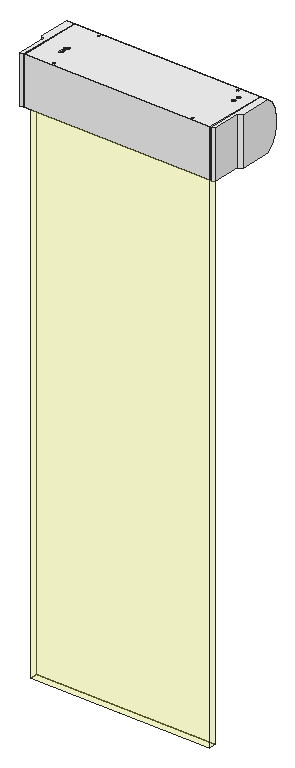
Revit family "HX 1000", category Mechanical Equipment, Revit 2015
Parameters (values of type "HX1000W (45/35)")
  Width = 406 mm
  Weight = "46"
  Warranty = "Unit is full cover for 2 years for parts and labour unless the warranty is made void"
  Version = "1.0"
  URL = "http://www.thermoscreens.com"
  Type Comments = "n/a"
  TempertureClassification = "Low Temperature"
  Supply(50hz) = "230v~1P&N"
  ProductFinish = "corrision resistent pre-finish white 9010 20gauge sheet metal"
  Product URL = "http://www.thermoscreens.com/our-product-range/hx-range"
  Noiselevel dB(A)@3m med = "55"
  Noiselevel dB(A)@3m low = "48"
  Noiselevel dB(A)@3m high = "58"
  Model = "HX1000W (45/35)"
  Max.Velocity (m/s) = "9.0"
  Max.AirVolume(m3/H) = "1310"
  Material = "20g sheet metal"
  Manufacturer = "Thermoscreens ltd"
  Loading(A)*perPhase = "0.8"
  Length = 1200 mm
  Keynote = "n/a"
  IssueDate = "04/06/2015"
  HeatSource = "Electric heated elements or low pressure water coils"
  HeatOutput(kW) = "3.5/6.7"
  Fans = "forward curved plastic bladed ccross flow impellers"
  Description = "Thermoscreens HX range of air curtains will provide climate separation with optional weather compensating control strategy. This product is available in nominal widths of 1, 1.5 and 2m.  Models available are ambient (without heating), electrical or water heated versions. Water heated (LPHW) versions are available with 2 and 4 row coils the suit water flow temperature. Motorised three port valves are built in as standard on all LPHW models. All models are supplied complete with Ecopower control."
  CreatedBy = "Thermoscreens ltd"
  Cost = 0
  ContactUs = "http://www.thermoscreens.com/contact-us"
  Centre Y = Width / 2  # 203 mm
  Centre X = Length / 2  # 600 mm
  Assembly Code = "n/a"
  AirFlow = yes
Types (6, lengths in mm): name | Weight | Supply(50hz) | Model | Loading(A)*perPhase | HeatOutput(kW)
  (no name) | "46" | "230v~1P&N" | "HX1000W (45/35)" | "0.8" | "3.5/6.7"
  HX1000A | "40" | "230v~1P&N" | "HX1000A" | "0.8" | "n/a"
  HX1000E | "41kg" | "400v~3P&N" | "HX1000E" | "18.2" | "6/12"
  HX1000W (82/71) | "40" | "230v~1P&N" | "HX1000W (82/71)" | "0.8" | "6/12"
  HX1000W (60/40) | "46" | "230v~1P&N" | "HX1000W (60/40)" | "0.8" | "5/9.8"
  HX1000W (45/35) | "46" | "230v~1P&N" | "HX1000W (45/35)" | "0.8" | "3.5/6.7"
Reference planes
  plane 1 "Center (Front/Back)": y = 0
  plane 2: z = 0
  plane 3 "Center (Left/Right)": x = 0
Forms (mm)
  Extrusion 1, solid, material "unit"
    sketch origin (0, 0, 0) x (1, 0, 0) y (0, 1, 0)
      loop
        line (-600, 203) -> (-600, -203) -> (600, -203) -> (600, 203) -> (-600, 203)
    from 0 to -0.9
  Extrusion 2, solid, material "unit"
    sketch origin (600, -203, 0) x (-1, 0, 0) y (0, 0, -1)
      loop
        line (1200, 0.9) -> (0, 0.9) -> (0, -305.1) -> (1200, -305.1) -> (1200, 0.9)
    from 0 to -0.9
  Extrusion 3, solid, material "unit"
    sketch origin (600, -203, 305.1) x (-1, 0, 0) y (0, -1, 0)
      loop
        line (1200, 0) -> (0, 0) -> (0, -406) -> (1200, -406) -> (1200, 0)
    from 0 to -0.9
  Extrusion 4, solid, material "unit"
    sketch origin (600, -203, -0.9) x (0, 0, 1) y (0, -1, 0)
      loop
        line (306, 0) -> (0, 0) -> (0, -406) -> (306, -406) -> (306, 0)
    from 0 to -0.9
  Extrusion 5, solid, material "unit"
    sketch origin (-600, -203, 0) x (0, 1, 0) y (0, 0, -1)
      loop
        line (406, 0.9) -> (0, 0.9) -> (0, -305.1) -> (406, -305.1) -> (406, 0.9)
    from 0 to -0.9
  Extrusion 6, solid, material "unit"
    sketch origin (-600, -203, 0) x (0, 1, 0) y (0, 0, -1)
      loop
        arc (436, -275.1) -> (466, -152.1) -> (436, -29.1) r 267.15
        line (436, -29.1) -> (406, 0.9) -> (406, -305.1) -> (436, -275.1)
    from 0 to -1200
  Extrusion 7, solid, material "unit"
    sketch origin (600, -203, 305.1) x (0, 1, 0) y (0, 0, 1)
      loop
        line (406, 0) -> (0, 0) -> (0, -306) -> (406, -306) -> (436, -276)
        arc (436, -276) -> (466, -153) -> (436, -30) r 267.15
        line (436, -30) -> (406, 0)
    from 0 to 25
  Extrusion 8, solid, material "unit"
    sketch origin (625, -203, 305.1) x (0, 1, 0) y (0, 0, 1)
      loop
        line (180, 0) -> (180, -306) -> (406, -306) -> (436, -276)
        arc (436, -276) -> (466, -153) -> (436, -30) r 267.15
        line (436, -30) -> (406, 0) -> (180, 0)
    from 0 to 25
  Extrusion 9, void
    sketch origin (625, -23, 305.1) x (-1, 0, 0) y (0, 1, 0)
      loop
        line (-25, 0) -> (0, 0) -> (-25, 25) -> (-25, 0)
    from 0 to 306
  Extrusion 10, solid, material "unit"
    sketch origin (-600, 203, 305.1) x (0, -1, 0) y (0, 0, 1)
      loop
        line (406, 0) -> (0, 0) -> (-30, -30)
        arc (-30, -30) -> (-60, -153) -> (-30, -276) r 267.15
        line (-30, -276) -> (0, -306) -> (406, -306) -> (406, 0)
    from 0 to 25
  Extrusion 11, solid, material "unit"
    sketch origin (-625, 203, 305.1) x (0, -1, 0) y (0, 0, 1)
      loop
        line (226, 0) -> (0, 0) -> (-30, -30)
        arc (-30, -30) -> (-60, -153) -> (-30, -276) r 267.15
        line (-30, -276) -> (0, -306) -> (226, -306) -> (226, 0)
    from 0 to 25
  Extrusion 12, void
    sketch origin (-625, -23, 305.1) x (-1, 0, 0) y (0, 1, 0)
      loop
        line (25, 0) -> (25, 25) -> (0, 0) -> (25, 0)
    from 0 to 306
  Extrusion 13, void
    sketch origin (600, -203, 305.1) x (0, -1, 0) y (-1, 0, 0)
      loop
        circle (-140, 1066) r 15
      loop
        circle (-178, 1066) r 15
      loop
        circle (-380, 1023) r 5
      loop
        circle (-20, 128) r 5
      loop
        circle (-380, 128) r 5
      loop
        circle (-20, 1023) r 5
    from 0 to 0.9
  Extrusion 14, void
    sketch origin (600, -203, 305.1) x (0, -1, 0) y (-1, 0, 0)
      loop
        circle (-325, 78) r 10
      loop
        circle (-285, 78) r 10
    from 0 to 0.9
  Extrusion 15, void
    sketch origin (-600, -203, -0.9) x (-1, 0, 0) y (0, -1, 0)
      loop
        line (-1175, -25) -> (-1175, -75) -> (-25, -75) -> (-25, -25) -> (-1175, -25)
    from 0 to 0.9
  Extrusion 16, solid, material "Poche", visible <- "AirFlow", detail levels fine
    sketch origin (-600, -203, -0.9) x (0, -1, 0) y (-1, 0, 0)
      loop
        line (-25, -1175) -> (-25, -25) -> (-75, -25) -> (-75, -1175) -> (-25, -1175)
    from 0 to 3300
  Extrusion 17, void
    sketch origin (625, -23, 305.1) x (-1, 0, 0) y (0, 1, 0)
      loop
        line (0, -180) -> (12.5, -180) -> (0, -167.5) -> (0, -180)
    from 0 to 306
Cuts and joins
  Extrusion 13, Extrusion 14, Extrusion 15 cuts Extrusion 1
  Extrusion 13, Extrusion 14, Extrusion 15 cuts Extrusion 2
  Extrusion 13, Extrusion 14, Extrusion 15 cuts Extrusion 3
  Extrusion 13, Extrusion 14, Extrusion 15 cuts Extrusion 4
  Extrusion 13, Extrusion 14, Extrusion 15 cuts Extrusion 5
  Extrusion 13, Extrusion 14, Extrusion 15 cuts Extrusion 6
  joined: Extrusion 1, Extrusion 2, Extrusion 3, Extrusion 4, Extrusion 5, Extrusion 6
  Extrusion 17 cuts Extrusion 7
  Extrusion 9, Extrusion 17 cuts Extrusion 8
  joined: Extrusion 7, Extrusion 8
  Extrusion 12 cuts Extrusion 11
  joined: Extrusion 10, Extrusion 11
Dimensions and locks
  "Centre X": Extrusion 1 sketch curve to plane 3 "Center (Left/Right)"
  "Length": Extrusion 1 sketch curve to Extrusion 1 sketch curve
  "Centre Y": plane 1 "Center (Front/Back)" to Extrusion 1 sketch curve
  "Width": Extrusion 1 sketch curve to Extrusion 1 sketch curve
  aligned and locked: level to plane 2
Automatic sketch dimensions
  Extrusion 2 sketch curve to Extrusion 1 = 0 mm  (x3)
  Extrusion 2 sketch curve to Extrusion 1 = 305.1 mm
  Extrusion 3 sketch curve to Extrusion 2 = 0 mm  (x3)
  Extrusion 3 sketch curve to Extrusion 2 = 405.1 mm
  Extrusion 4 sketch curve to Extrusion 2 = 0 mm  (x2)
  Extrusion 2 to Extrusion 4 sketch curve = 0 mm
  Extrusion 4 sketch curve to Extrusion 2 = 405.1 mm
  Extrusion 5 sketch curve to Extrusion 1 = 0 mm  (x3)
  Extrusion 5 sketch curve to Extrusion 1 = 305.1 mm
  Extrusion 6 sketch curve to Extrusion 1 = 152.1 mm
  Extrusion 6 sketch curve to Extrusion 1 = 0 mm  (x2)
  Extrusion 6 sketch curve to Extrusion 1 = 30 mm  (x2)
  Extrusion 6 sketch curve to Extrusion 6 sketch curve = 30 mm
  Extrusion 6 sketch curve to Extrusion 1 = 198.85 mm
  Extrusion 6 sketch curve to Extrusion 6 sketch curve = 123 mm
  Extrusion 7 sketch curve to Extrusion 3 = 0 mm  (x4)
  Extrusion 7 sketch curve to Extrusion 3 = 305.1 mm
  Extrusion 3 to Extrusion 7 sketch curve = 30 mm
  Extrusion 7 sketch curve to Extrusion 7 sketch curve = 30 mm
  Extrusion 7 sketch curve to Extrusion 3 = 198.85 mm
  Extrusion 7 sketch curve to Extrusion 3 = 152.1 mm
  Extrusion 7 sketch curve to Extrusion 3 = 29.1 mm
  Extrusion 7 to Extrusion 8 sketch curve = 0 mm  (x2)
  Extrusion 8 sketch curve to Extrusion 7 = 0 mm  (x4)
  Extrusion 8 sketch curve to Extrusion 8 sketch curve = 18.85 mm
  Extrusion 9 sketch curve to Extrusion 8 = 0 mm  (x2)
  Extrusion 8 to Extrusion 9 sketch curve = 0 mm
  Extrusion 9 sketch curve to Extrusion 9 sketch curve = 25 mm
  Extrusion 10 sketch curve to Extrusion 3 = 0 mm  (x4)
  Extrusion 10 sketch curve to Extrusion 3 = 30 mm  (x2)
  Extrusion 10 sketch curve to Extrusion 3 = 29.1 mm
  Extrusion 10 sketch curve to Extrusion 3 = 198.85 mm
  Extrusion 10 sketch curve to Extrusion 3 = 152.1 mm
  Extrusion 10 sketch curve to Extrusion 10 sketch curve = 30 mm
  Extrusion 10 to Extrusion 11 sketch curve = 0 mm
  Extrusion 11 sketch curve to Extrusion 10 = 0 mm  (x5)
  Extrusion 11 sketch curve to Extrusion 10 = 180 mm
  Extrusion 11 sketch curve to Extrusion 10 = 30 mm
  Extrusion 11 sketch curve to Extrusion 10 = 153 mm
  Extrusion 11 sketch curve to Extrusion 11 sketch curve = 18.85 mm
  Extrusion 12 sketch curve to Extrusion 11 = 0 mm  (x3)
  Extrusion 12 sketch curve to Extrusion 12 sketch curve = 25 mm
  Extrusion 13 sketch curve to Extrusion 3 = 26 mm  (x2)
  Extrusion 13 sketch curve to Extrusion 3 = 178 mm
  Extrusion 13 sketch curve to Extrusion 13 sketch curve = 38 mm
  Extrusion 13 sketch curve to Extrusion 3 = 20 mm  (x2)
  Extrusion 13 sketch curve to Extrusion 3 = 134 mm
  Extrusion 13 sketch curve to Extrusion 13 sketch curve = 0 mm
  Extrusion 13 sketch curve to Extrusion 3 = 177 mm
  Extrusion 13 sketch curve to Extrusion 3 = 128 mm  (x2)
  Extrusion 13 sketch curve to Extrusion 13 sketch curve = 43 mm
  Extrusion 14 sketch curve to Extrusion 14 sketch curve = 40 mm
  Extrusion 14 sketch curve to Extrusion 14 sketch curve = 0 mm
  Extrusion 14 sketch curve to Extrusion 3 = 81 mm
  Extrusion 14 sketch curve to Extrusion 3 = 78 mm
  Extrusion 15 sketch curve to Extrusion 2 = 25 mm  (x2)
  Extrusion 2 to Extrusion 15 sketch curve = 24.1 mm
  Extrusion 15 sketch curve to Extrusion 15 sketch curve = 50 mm
  Extrusion 2 to Extrusion 16 sketch curve = 24.1 mm
  Extrusion 16 sketch curve to Extrusion 2 = 25 mm  (x2)
  Extrusion 16 sketch curve to Extrusion 16 sketch curve = 50 mm
  Extrusion 17 sketch curve to Extrusion 8 = 0 mm
  Extrusion 8 to Extrusion 17 sketch curve = 180 mm
  Extrusion 17 sketch curve to Extrusion 8 = 12.5 mm
  Extrusion 17 sketch curve to Extrusion 17 sketch curve = 12.5 mm
  radius of Extrusion 8 sketch curve to Extrusion 7 = 0 mm
  radius of Extrusion 13 sketch curve = 15 mm  (x2)
  radius of Extrusion 13 sketch curve = 5 mm  (x4)
  radius of Extrusion 14 sketch curve = 10 mm  (x2)
Connectors
  electrical at (522, 122, 305.1)
    settings: on cut or joined group 1 (Extrusion 1, Extrusion 2, Extrusion 3, Extrusion 4, Extrusion 5, Extrusion 6, Extrusion 13, Extrusion 14, Extrusion 15), index 1, voltage 0 V, apparent load 0 VA, apparent load phase1 0 VA, apparent load phase2 0 VA, apparent load phase3 0 VA, power factor 1, load classification "Other", number of poles 1, system type 31, power factor state 1, is connector primary yes, connector utility no, sub classification motor no, connector description ""
  electrical at (522, 82, 305.1)
    settings: on cut or joined group 1, index 2, voltage 0 V, apparent load 0 VA, apparent load phase1 0 VA, apparent load phase2 0 VA, apparent load phase3 0 VA, power factor 1, load classification "Other", number of poles 1, system type 31, power factor state 1, is connector primary no, connector utility no, sub classification motor no, connector description ""
  piping at (-423, 177, 305.1), diameter 10
    settings: on cut or joined group 1, index 3, connector inside diameter 609.6 mm, connector length 0 mm, flow factor 0, pipe flow 0.0 L/s, pressure drop 0.0 Pa, fitting loss kfactor 0, connector angle 0.00°, fixture units 0, engagement length 0 mm, angle of deflection 0.00°, flow configuration 0, flow direction 0, fitting loss method 0, system type 28, joint type 0, gender type 0, connector reference index -1, connector utility 0, adjustable connector no, is connector primary yes, connector description ""
  piping at (-423, -183, 305.1), diameter 10
    settings: on cut or joined group 1, index 4, connector inside diameter 609.6 mm, connector length 0 mm, flow factor 0, pipe flow 0.0 L/s, pressure drop 0.0 Pa, fitting loss kfactor 0, connector angle 0.00°, fixture units 0, engagement length 0 mm, angle of deflection 0.00°, flow configuration 0, flow direction 0, fitting loss method 0, system type 28, joint type 0, gender type 0, connector reference index -1, connector utility 0, adjustable connector no, is connector primary no, connector description ""
  piping at (472, -183, 305.1), diameter 10
    settings: on cut or joined group 1, index 5, connector inside diameter 609.6 mm, connector length 0 mm, flow factor 0, pipe flow 0.0 L/s, pressure drop 0.0 Pa, fitting loss kfactor 0, connector angle 0.00°, fixture units 0, engagement length 0 mm, angle of deflection 0.00°, flow configuration 0, flow direction 0, fitting loss method 0, system type 28, joint type 0, gender type 0, connector reference index -1, connector utility 0, adjustable connector no, is connector primary no, connector description ""
  piping at (472, 177, 305.1), diameter 10
    settings: on cut or joined group 1, index 6, connector inside diameter 609.6 mm, connector length 0 mm, flow factor 0, pipe flow 0.0 L/s, pressure drop 0.0 Pa, fitting loss kfactor 0, connector angle 0.00°, fixture units 0, engagement length 0 mm, angle of deflection 0.00°, flow configuration 0, flow direction 0, fitting loss method 0, system type 28, joint type 0, gender type 0, connector reference index -1, connector utility 0, adjustable connector no, is connector primary no, connector description ""
  piping at (-466, -25, 305.1), diameter 30
    settings: on cut or joined group 1, index 7, connector inside diameter 609.6 mm, connector length 0 mm, flow factor 0, pipe flow 0.0 L/s, pressure drop 0.0 Pa, fitting loss kfactor 0, connector angle 0.00°, fixture units 0, engagement length 0 mm, angle of deflection 0.00°, flow configuration 0, flow direction 1, fitting loss method 4, system type 19, joint type 0, gender type 0, connector reference index -1, connector utility 0, adjustable connector no, is connector primary no, connector description ""
  piping at (-466, -63, 305.1), diameter 30
    settings: on cut or joined group 1, index 8, connector inside diameter 609.6 mm, connector length 0 mm, flow factor 0, pipe flow 0.0 L/s, pressure drop 0.0 Pa, fitting loss kfactor 0, connector angle 0.00°, fixture units 0, engagement length 0 mm, angle of deflection 0.00°, flow configuration 0, flow direction 2, fitting loss method 4, system type 19, joint type 0, gender type 0, connector reference index -1, connector utility 0, adjustable connector no, is connector primary no, connector description ""
